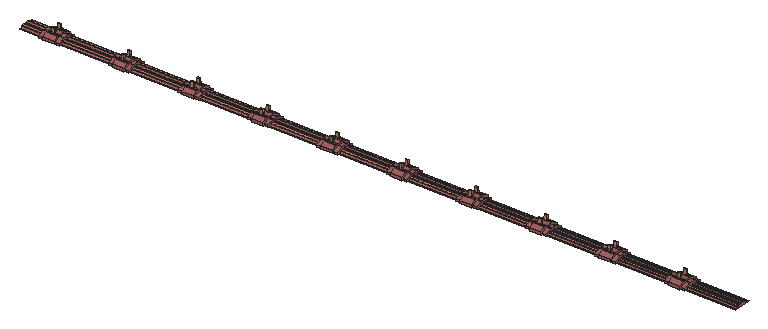
Revit family
Parameters (values of type "Wire System")
  Warranty Duration (Years) = 0
  URL = "http://www.birdbgone.com/"
  Test Data = "http://www.birdbgone.com/bird-control-product-msds"
  Supports_Array [instance] = if(Supports > 1, Supports, 2)  # 10
  Supports [instance] = if(not(Int < Length Div), Int, Int + 1)  # 10
  Spacing = 0' - 7"
  Int [instance] = Length Div  # 10
  Specification = "http://www.arcat.com/sdspecs/htm/10290bir.htm"
  SpecWizard = ""
  Send Message = "http://www.arcat.com/users.pl?action=UserEmail&company=Bird-B-Gone,%20Inc.&coid=38371&rep=147&fax=949-472-3116&mf="
  Sales Information = "http://www.birdbgone.com/bird-control-store/"
  Revision = "R1_10-2010"
  Product Properties = "http://www.arcat.com/bim/bim_info.pl?fn=BirdBGone"
  Product Data = "http://www.arcat.com/arcatcos/cos38/arc38371.html"
  Model = "As Specified in 10 81 19"
  Material = Plastic - Bird B Gone - Polycarbonate - Brick Red
  Manufacturer Website = "http://www.birdbgone.com/"
  Manufacturer Phone - Toll Free = "800-392-6915"
  Manufacturer Phone = "949-472-3122"
  Manufacturer Fax = "949-472-3116"
  Manufacturer Address = "23918 Skyline, Mission Viejo, CA 92692"
  Manufacturer = "Bird-B-Gone, Inc."
  Maintenance Schedule (Months) = 0
  Length Div [instance] = ([built-in parameter 1001306] - 0' 3") / Spacing  # 9.8571
  built-in parameter 1001306 [instance] = 6' - 0"
  Keynote = "10 81 19"
  Installation-Fabrication = "http://www.birdbgone.com/installation-instructions"
  Installation Phase = ""
  Green Building-LEED = "http://www.arcat.com/green/clients/leed_data_38371.html"
  Expected Lifespan (Years) = 0
  Drawn By = "Robert S. Weygant, CSI, CDT, SCIP"
  Description = "Bird Control Equipment as Specified in 10 81 19"
  Copyright = "2010 ARCAT, Inc."
  Construction Details = "http://www.arcat.com/details/birdbgon/birdbgon.html?coid=38371"
  Building Codes = "http://www.birdbgone.com/knowledge-center/"
  Assembly Code = "E1090900"
  Angle_Start [instance] = 0.00°
  Angle_End [instance] = 0.00°
Reference planes (in)
  plane 1 "Center (Front/Back)": y = 0
  plane 2: z = 0
  plane 3 "Left": x = 0
  plane 4 "Right": x = 72
  plane 5 "Wire": z = 1
Forms (in)
  Extrusion 1, void
    sketch origin (0, 0, 0) x (1, 0, 0) y (0, 1, 0)
      loop
        line (72, 1) -> (72, -0.875) -> (85, -0.875) -> (85, 1) -> (72, 1)
    from 0 to 1.38967
  Extrusion 2, void
    sketch origin (0, 0, 0) x (1, 0, 0) y (0, 1, 0)
      loop
        line (-13, 0.89512) -> (-13, -0.82796) -> (0, -0.82796) -> (0, 0.89512) -> (-13, 0.89512)
    from 0 to 1.60875
  Extrusion 3, solid, material "Plastic - Bird B Gone - Polycarbonate - Brick Red" <- "Material"
    sketch origin (0, 0, 0) x (0, 1, 0) y (0, 0, 1)
      loop
        line (-0.8125, 0) -> (0.8125, 0) -> (0.8125, 0.05302)
        arc (0.8125, 0.05302) -> (0.48535, 0.17766) -> (0.14046, 0.23777) r 1.831
        line (0.14046, 0.23777) -> (0.14046, 0.3071)
        arc (0.14046, 0.3071) -> (0, 0.3125) -> (-0.14046, 0.3071) r 1.831
        line (-0.14046, 0.3071) -> (-0.14046, 0.23777)
        arc (-0.14046, 0.23777) -> (-0.48535, 0.17766) -> (-0.8125, 0.05302) r 1.831
        line (-0.8125, 0.05302) -> (-0.8125, 0)
    from -2.40049 to 76.6163
  Extrusion 4, solid, material "Metal - Copper - Bird B Gone"
    sketch origin (0, 0, 0) x (0, 1, 0) y (0, 0, 1)
      loop
        arc (0.36195, 0.20703) -> (0.45768, 0.18504) -> (0.5521, 0.15794) r 1.831
        line (0.5521, 0.15794) -> (0.57274, 0.22062)
        arc (0.57274, 0.22062) -> (0.47505, 0.2498) -> (0.37589, 0.2735) r 1.831
        line (0.37589, 0.2735) -> (0.36195, 0.20703)
      loop
        line (-0.57274, 0.22062) -> (-0.5521, 0.15794)
        arc (-0.5521, 0.15794) -> (-0.45768, 0.18504) -> (-0.36195, 0.20703) r 1.831
        line (-0.36195, 0.20703) -> (-0.37589, 0.2735)
        arc (-0.37589, 0.2735) -> (-0.47505, 0.2498) -> (-0.57274, 0.22062) r 1.831
    from -2.40049 to 76.6163
Cuts and joins
  Extrusion 1, Extrusion 2 cuts Extrusion 3
  Extrusion 1, Extrusion 2 cuts Extrusion 4
Lines and regions (in)
  reference lines
    curve 1: line (0, 0, 0) -> (72, 0, 0)
    curve 2: line (0, 0, 1) -> (0, 1.91806, 1)
    curve 3: line (72, 0, 1) -> (72, 18.5, 1)
Dimensions and locks (in)
  "built-in parameter 1001306": plane 3 "Left" to plane 4 "Right"
  equal spacing: group 1, group 2, group 3, group 4, group 5, group 6, group 7, group 8, group 9, group 10  (x3)
  locked: plane 5 "Wire" to level at 1
  locked: plane 3 "Left" to nested 1 at 3
  locked: plane 4 "Right" to Extrusion 1 sketch curve at 13
  locked: Extrusion 2 sketch curve to plane 3 "Left" at 13
  Extrusion 2 sketch curve to plane 1 "Center (Front/Back)" to Extrusion 2 sketch curve = 0' - 0.82796" locked, 0' - 0.89512" locked
  Extrusion 1 sketch curve to plane 1 "Center (Front/Back)" to Extrusion 1 sketch curve = 0' - 0 7/8" locked, 0' - 1" locked
  locked: plane 4 "Right" to Extrusion 3 at 4.6163
  locked: plane 4 "Right" to Extrusion 4 at 4.6163
  "Spacing": nested 1 to nested 2
  "Angle_End": angle plane 4 "Right" to curve 3
  "Angle_Start": angle plane 3 "Left" to curve 2
  aligned and locked: plane 4 "Right" to curve 1
  aligned and locked: plane 3 "Left" to curve 1
  aligned and locked: Extrusion 1 sketch curve to curve 3
  aligned and locked: Extrusion 2 sketch curve to curve 2
Automatic sketch dimensions
  curve 1 to plane 1 "Center (Front/Back)" = 0' - 0"
  curve 3 to plane 1 "Center (Front/Back)" = 0' - 0"
  curve 3 to plane 4 "Right" = 0' - 0"
  curve 2 to plane 1 "Center (Front/Back)" = 0' - 0"
  curve 2 to plane 3 "Left" = 0' - 0"
  Extrusion 3 sketch curve to Extrusion 3 sketch curve = 0' - 0"  (x2)
  Extrusion 3 sketch curve to level = 0' - 0"
  Extrusion 3 sketch curve to plane 1 "Center (Front/Back)" = 0' - 0"  (x2)
  plane 1 "Center (Front/Back)" to Extrusion 3 sketch curve = 0' - 0.14046"
  Extrusion 3 sketch curve to Extrusion 3 sketch curve = 0' - 0.67204"  (x2)
  Extrusion 3 sketch curve to plane 1 "Center (Front/Back)" = 0' - 0.14046"
  level to Extrusion 3 sketch curve = 0' - 0.05302"
  Extrusion 3 sketch curve to level = 0' - 1.5185"
  Extrusion 3 sketch curve to Extrusion 3 sketch curve = 0' - 0.06934"  (x2)
  Extrusion 3 sketch curve to Extrusion 3 sketch curve = 0' - 0.05302"
  Extrusion 4 sketch curve to Extrusion 4 sketch curve = 0' - 0"  (x4)
  Extrusion 4 sketch curve to plane 1 "Center (Front/Back)" = 0' - 0"  (x2)
  plane 1 "Center (Front/Back)" to Extrusion 4 sketch curve = 0' - 0.36195"
  Extrusion 4 sketch curve to Extrusion 4 sketch curve = 0' - 0.01394"  (x2)
  Extrusion 4 sketch curve to Extrusion 4 sketch curve = 0' - 0.19015"  (x2)
  Extrusion 4 sketch curve to Extrusion 4 sketch curve = 0' - 0.02064"  (x2)
  level to Extrusion 4 sketch curve = 0' - 0 53/256"
  Extrusion 4 sketch curve to plane 1 "Center (Front/Back)" = 0' - 0.36195"
  level to Extrusion 4 sketch curve = 0' - 0.2735"
  level to Extrusion 4 sketch curve = 0' - 0.15794"  (x2)
  level to Extrusion 4 sketch curve = 0' - 0.22062"
  Extrusion 4 sketch curve to Extrusion 4 sketch curve = 0' - 0.06268"
Nested families (in)
  nested 1: "Support_Jolt" at (3, 0, 0) x (0, 1, 0) z (0, 0, 1), Material <- "Material", type "BirdBGone template - Standalone"
    with offset 0' - 0", Unit Height 0' - 0 3/4", Material Plastic - Bird B Gone - Polycarbonate - Brick Red
  nested 2: "Support_Jolt" at (10, 0, 0) x (0, 1, 0) z (0, 0, 1), Material <- "Material", type "BirdBGone template - Standalone"
    with offset 0' - 0", Unit Height 0' - 0 3/4", Material Plastic - Bird B Gone - Polycarbonate - Brick Red
  nested 3: "Support_Jolt" at (17, 0, 0) x (0, 1, 0) z (0, 0, 1), Material <- "Material", type "BirdBGone template - Standalone"
    with offset 0' - 0", Unit Height 0' - 0 3/4", Material Plastic - Bird B Gone - Polycarbonate - Brick Red
  nested 4: "Support_Jolt" at (24, 0, 0) x (0, 1, 0) z (0, 0, 1), Material <- "Material", type "BirdBGone template - Standalone"
    with offset 0' - 0", Unit Height 0' - 0 3/4", Material Plastic - Bird B Gone - Polycarbonate - Brick Red
  nested 5: "Support_Jolt" at (31, 0, 0) x (0, 1, 0) z (0, 0, 1), Material <- "Material", type "BirdBGone template - Standalone"
    with offset 0' - 0", Unit Height 0' - 0 3/4", Material Plastic - Bird B Gone - Polycarbonate - Brick Red
  nested 6: "Support_Jolt" at (38, 0, 0) x (0, 1, 0) z (0, 0, 1), Material <- "Material", type "BirdBGone template - Standalone"
    with offset 0' - 0", Unit Height 0' - 0 3/4", Material Plastic - Bird B Gone - Polycarbonate - Brick Red
  nested 7: "Support_Jolt" at (45, 0, 0) x (0, 1, 0) z (0, 0, 1), Material <- "Material", type "BirdBGone template - Standalone"
    with offset 0' - 0", Unit Height 0' - 0 3/4", Material Plastic - Bird B Gone - Polycarbonate - Brick Red
  nested 8: "Support_Jolt" at (52, 0, 0) x (0, 1, 0) z (0, 0, 1), Material <- "Material", type "BirdBGone template - Standalone"
    with offset 0' - 0", Unit Height 0' - 0 3/4", Material Plastic - Bird B Gone - Polycarbonate - Brick Red
  nested 9: "Support_Jolt" at (59, 0, 0) x (0, 1, 0) z (0, 0, 1), Material <- "Material", type "BirdBGone template - Standalone"
    with offset 0' - 0", Unit Height 0' - 0 3/4", Material Plastic - Bird B Gone - Polycarbonate - Brick Red
  nested 10: "Support_Jolt" at (66, 0, 0) x (0, 1, 0) z (0, 0, 1), Material <- "Material", type "BirdBGone template - Standalone"
    with offset 0' - 0", Unit Height 0' - 0 3/4", Material Plastic - Bird B Gone - Polycarbonate - Brick Red
Definition of nested family "Support_Jolt"
  Parameters (values of type "BirdBGone template - Standalone")
    offset [instance] = 0' - 0"
    Warranty Duration (Years) = 0
    Unit Width = 0' - 7"
    Unit Height [instance] = 0' - 0 3/4"
    Unit Depth = 0' - 0 1/4"
    URL = "http://www.birdbgone.com/"
    Test Data = "http://www.birdbgone.com/bird-control-product-msds"
    Specification = "http://www.arcat.com/sdspecs/htm/10290bir.htm"
    SpecWizard = ""
    Send Message = "http://www.arcat.com/users.pl?action=UserEmail&company=Bird-B-Gone,%20Inc.&coid=38371&rep=147&fax=949-472-3116&mf="
    Sales Information = "http://www.birdbgone.com/bird-control-store/"
    Revision = "R1_10-2010"
    Product Properties = "http://www.arcat.com/bim/bim_info.pl?fn=BirdBGone"
    Product Data = "http://www.arcat.com/arcatcos/cos38/arc38371.html"
    Model = "As Specified in 10 81 19"
    Material [instance] = none
    Manufacturer Website = "http://www.birdbgone.com/"
    Manufacturer Phone - Toll Free = "800-392-6915"
    Manufacturer Phone = "949-472-3122"
    Manufacturer Fax = "949-472-3116"
    Manufacturer Address = "23918 Skyline, Mission Viejo, CA 92692"
    Manufacturer = "Bird-B-Gone, Inc."
    Maintenance Schedule (Months) = 0
    Keynote = "10 81 19"
    Installation-Fabrication = "http://www.birdbgone.com/installation-instructions"
    Installation Phase = ""
    Green Building-LEED = "http://www.arcat.com/green/clients/leed_data_38371.html"
    Expected Lifespan (Years) = 0
    Drawn By = "Robert S. Weygant, CSI, CDT, SCIP"
    Description = "Bird Control Equipment as Specified in 10 81 19"
    Copyright = "wt"
    Construction Details = "http://www.arcat.com/details/birdbgon/birdbgon.html?coid=38371"
    Building Codes = "http://www.birdbgone.com/knowledge-center/"
    Assembly Code = "E1090900"
  Reference planes (in)
    plane 1 "Center (Front/Back)": y = 0
    plane 2 "Bottom": z = 0
    plane 3 "Center (Left/Right)": x = 0
  Forms (in)
    Extrusion 1, solid, material <- "Material"
      sketch origin (0, 0, 0) x (1, 0, 0) y (0, 0, 1)
        loop
          line (-0.90625, 0) -> (-0.8125, 0) -> (-0.8125, 0.05302)
          arc (-0.8125, 0.05302) -> (-0.68431, 0.11048) -> (-0.5521, 0.15794) r 1.831
          line (-0.5521, 0.15794) -> (-0.57274, 0.22062)
          arc (-0.57274, 0.22062) -> (-0.47505, 0.2498) -> (-0.37589, 0.2735) r 1.831
          line (-0.37589, 0.2735) -> (-0.36195, 0.20703)
          arc (-0.36195, 0.20703) -> (-0.25167, 0.22578) -> (-0.14046, 0.23777) r 1.831
          line (-0.14046, 0.23777) -> (-0.14046, 0.3071)
          arc (-0.14046, 0.3071) -> (0, 0.3125) -> (0.14046, 0.3071) r 1.831
          line (0.14046, 0.3071) -> (0.14046, 0.23777)
          arc (0.14046, 0.23777) -> (0.25167, 0.22578) -> (0.36195, 0.20703) r 1.831
          line (0.36195, 0.20703) -> (0.37589, 0.2735)
          arc (0.37589, 0.2735) -> (0.47505, 0.2498) -> (0.57274, 0.22062) r 1.831
          line (0.57274, 0.22062) -> (0.5521, 0.15794)
          arc (0.5521, 0.15794) -> (0.68431, 0.11048) -> (0.8125, 0.05302) r 1.831
          line (0.8125, 0.05302) -> (0.8125, 0) -> (0.90625, 0) -> (0.90625, 0.16592) -> (0.25447, 0.39035) -> (0.25447, 0.4375) -> (-0.25447, 0.4375) -> (-0.25447, 0.39035) -> (-0.90625, 0.16592) -> (-0.90625, 0)
      from -1.03125 to 1.03125
    Extrusion 2, solid, material <- "Material"
      sketch origin (0, 0, 0) x (1, 0, 0) y (0, 0, 1)
        loop
          line (0.90625, 0) -> (1, 0) -> (1, 0.23279) -> (0.51456, 0.47067) -> (0.30916, 0.47067) -> (0.30916, 0.53125) -> (-0.30916, 0.53125) -> (-0.30916, 0.47067) -> (-0.51456, 0.47067) -> (-1, 0.23279) -> (-1, 0) -> (-0.90625, 0) -> (-0.90625, 0.16592) -> (-0.25447, 0.39035) -> (-0.25447, 0.4375) -> (0.25447, 0.4375) -> (0.25447, 0.39035) -> (0.90625, 0.16592) -> (0.90625, 0)
      from -0.57813 to 0.57813
    Extrusion 3, solid, material "Metal - Copper - Bird B Gone"
      sketch origin (0, 0, 0) x (0, 1, 0) y (0, 0, -1)
        loop
          line (0.1367, -1.0625) -> (0.1367, -0.73073) -> (0.17354, -0.73073) -> (0.17354, -0.69198) -> (0.03867, -0.53125) -> (0.24738, -0.53125) -> (0.24738, -0.47067) -> (-0.24738, -0.47067) -> (-0.24738, -0.53125) -> (-0.03867, -0.53125) -> (-0.17354, -0.69198) -> (-0.17354, -0.73073) -> (-0.1367, -0.73073) -> (-0.1367, -1.0625) -> (0.1367, -1.0625)
      from 0.40625 to 0.34375
    Extrusion 4, solid, material "Metal - Copper - Bird B Gone"
      sketch origin (0, 0, 0) x (0, 1, 0) y (0, 0, 1)
        loop
          line (0.1367, 1.0625) -> (-0.1367, 1.0625) -> (-0.1367, 0.73073) -> (-0.17354, 0.73073) -> (-0.17354, 0.69198) -> (-0.03867, 0.53125) -> (-0.24738, 0.53125) -> (-0.24738, 0.47067) -> (0.24738, 0.47067) -> (0.24738, 0.53125) -> (0.03867, 0.53125) -> (0.17354, 0.69198) -> (0.17354, 0.73073) -> (0.1367, 0.73073) -> (0.1367, 1.0625)
      from 0.40625 to 0.34375
